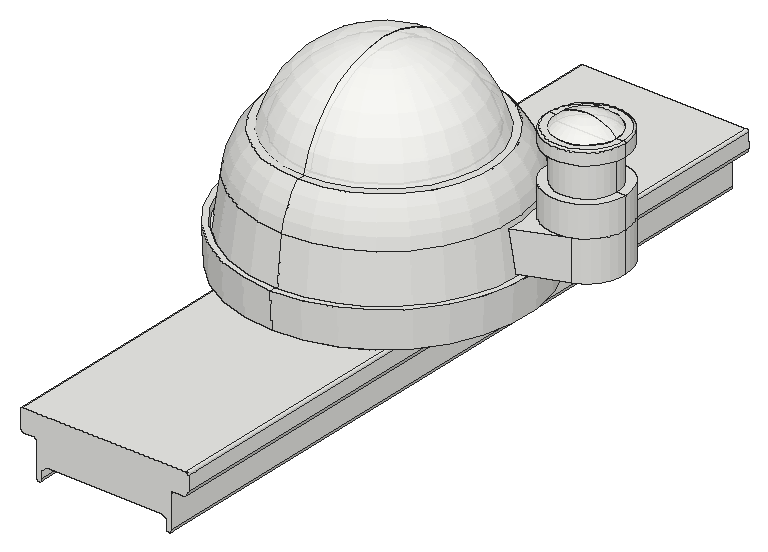
Revit family "Zumtobel TECTON 2 motion sensors", category Lighting Devices, host Face, Revit 2023
Family settings
  Host = Face
  Round Connector Dimension = Use Diameter
  Part Type = Normal
  Cut with Voids When Loaded = No
  Maintain Annotation Orientation = No
  Shared = Yes
  Room Calculation Point = Yes
Parameters (values of type "PST PIR DALI-2 TEC2 WH")
  URL = "www.zumtobel.com/22172960"
  Type Image = ZS_TE2_F_PST_Seite_WH.jpg
  Type IFC Predefined Type = "MOVEMENTSENSOR"
  Model = "22172960"
  Material Housing = Zumtobel-Plastic-RAL 9003-Signal White
  Manufacturer = "Zumtobel Lighting"  # constant formula
  Luminaire Width = 60 mm  # constant formula
  Luminaire Length = 250 mm  # constant formula
  Luminaire Height = 90 mm  # constant formula
  Lighting Trunking System Mark [instance] = ""
  IS DALI Type = yes
  Export Type to IFC As = "IfcSensorType"
  Description = "Lighting and occupancy sensors"  # constant formula
  Default Elevation = 0 mm  # constant formula
  Assembly Code = "Pr_75_75_27_23"
Types (5, lengths in mm): name | URL | Type Image | Model | Material Housing | IS DALI Type
  PST PIR CF TEC2 WH | "www.zumtobel.com/22172954" | ZS_TE2_F_PST_Seite_WH.jpg | "22172954" | Zumtobel-Plastic-RAL 9003-Signal White | no
  PST PIR CF TEC2 BK | "www.zumtobel.com/22173122" | ZS_TE2_F_PST_Seite_BK.jpg | "22173122" | Zumtobel-Plastic-RAL 9005-Jet Black | no
  PST PIR S TEC2 BK | "www.zumtobel.com/22173124" | ZS_TE2_F_PST_Seite_BK.jpg | "22173124" | Zumtobel-Plastic-RAL 9005-Jet Black | no
  PST PIR S TEC2 WH | "www.zumtobel.com/22172955" | ZS_TE2_F_PST_Seite_WH.jpg | "22172955" | Zumtobel-Plastic-RAL 9003-Signal White | no
  PST PIR DALI-2 TEC2 WH | "www.zumtobel.com/22172960" | ZS_TE2_F_PST_Seite_WH.jpg | "22172960" | Zumtobel-Plastic-RAL 9003-Signal White | yes
Reference planes
  plane 1 "Center (Front/Back)": y = 0
  plane 2: z = 0
  plane 3 "Center (Left/Right)": x = 0
  plane 4 "test": through (0, 19.073, -1204.147) normal (0.2852, -0.9585, 0)
  plane 5: z = 13.808
  plane 6 "Center L/S": through (0, 19.073, -1204.147) normal (0.2852, -0.9585, 0)
  plane 7: y = 125
  plane 8: y = -125
  plane 9: x = -30
  plane 10: x = 30
Forms (mm)
  Revolve 1, solid, material "Zumtobel-Plastic-Translucent-White"
    sketch origin (0, 0, -4.391) x (0, -1, 0) y (0, 0, -1)
      loop
        line (36.09, -63.549) -> (33, -63.549)
        arc (33, -63.549) -> (20.871, -81.974) -> (0, -89.112) r 34.082
        line (0, -89.112) -> (0, -92.112)
        arc (0, -92.112) -> (23.013, -84.107) -> (36.09, -63.549) r 37.082
      axis (0, -63.549) -> (0, -92.112)
    angle from 0 to 360
  Revolve 2, solid, material "Zumtobel-Plastic-RAL 9003-Signal White" <- "Material Housing", visible <- "IS DALI Type"
    sketch origin (71.447, 18.135, -1204.147) x (1, 0, 0) y (0, 0, -1)
      loop
        line (-2.88, -1258.349) -> (0.314, -1258.349) -> (0.314, -1247.39) -> (-13.686, -1247.39) -> (-13.686, -1273.515) -> (-2.764, -1273.515) -> (-2.764, -1275.515) -> (-0.436, -1275.515)
        arc (-0.436, -1275.515) -> (-0.015, -1275.34) -> (0.159, -1274.919) r 0.596
        line (0.159, -1274.919) -> (0.159, -1270.749) -> (-2.88, -1270.749) -> (-2.88, -1258.349)
      axis (-13.686, -1247.39) -> (-13.686, -1275.515)
    angle from 0 to 360
  Extrusion 3, solid, material "Zumtobel-Plastic-RAL 9003-Signal White" <- "Material Housing", visible <- "IS DALI Type"
    sketch origin (0, 0, 2.001) x (0, -1, 0) y (-1, 0, 0)
      loop
        line (-27.192, -33.038) -> (-31.861, -55.004)
        arc (-31.861, -55.004) -> (-28.966, -66.632) -> (-18.135, -71.761) r 14
        arc (-18.135, -71.761) -> (-10.306, -69.367) -> (-5.155, -63.005) r 14
        line (-5.155, -63.005) -> (3.2, -42.33) -> (-27.192, -33.038)
    from -27.057 to -41.242
  Revolve 4, solid, material "Zumtobel-Plastic-RAL 9003-Signal White" <- "Material Housing"
    sketch origin (0, 0, -4.391) x (0, -1, 0) y (0, 0, -1)
      loop
        arc (38.625, -63.549) -> (43.294, -56.929) -> (45.672, -49.185) r 25.708
        line (45.672, -49.185) -> (48.155, -31.514) -> (49, -31.514) -> (49.102, -33.449) -> (51.121, -33.449) -> (50.44, -20.449) -> (47.302, -20.449) -> (47.302, -19.651) -> (46.494, -19.651) -> (46.494, -18.199) -> (0, -18.199) -> (0, -89.063)
        arc (0, -89.063) -> (20.856, -81.941) -> (32.999, -63.549) r 34.097
        line (32.999, -63.549) -> (38.625, -63.549)
      axis (0, -18.199) -> (0, -89.063)
    angle from 0 to 360
  Extrusion 5, solid, material "Zumtobel-Plastic-RAL 9003-Signal White" <- "Material Housing"
    sketch origin (0, 0, 0) x (1, 0, 0) y (0, 0, 1)
      loop
        line (-20.587, -2.563) -> (0, -2.563) -> (20.587, -2.563) -> (22.156, -3.86) -> (22.156, -6.678)
        arc (22.156, -6.678) -> (23.178, -7.7) -> (24.2, -6.678) r 1.022
        line (24.2, -6.678) -> (24.2, 5.214)
        arc (24.2, 5.214) -> (24.378, 5.644) -> (24.808, 5.822) r 0.608
        line (24.808, 5.822) -> (28.1, 5.822)
        arc (28.1, 5.822) -> (29.444, 6.378) -> (30, 7.722) r 1.9
        line (30, 7.722) -> (30, 12.808)
        arc (30, 12.808) -> (29.707, 13.515) -> (29, 13.808) r 1
        line (29, 13.808) -> (-29, 13.808)
        arc (-29, 13.808) -> (-29.707, 13.515) -> (-30, 12.808) r 1
        line (-30, 12.808) -> (-30, 7.722)
        arc (-30, 7.722) -> (-29.444, 6.378) -> (-28.1, 5.822) r 1.9
        line (-28.1, 5.822) -> (-24.808, 5.822)
        arc (-24.808, 5.822) -> (-24.378, 5.644) -> (-24.2, 5.214) r 0.608
        line (-24.2, 5.214) -> (-24.2, -6.678)
        arc (-24.2, -6.678) -> (-23.178, -7.7) -> (-22.156, -6.678) r 1.022
        line (-22.156, -6.678) -> (-22.156, -3.86) -> (-20.587, -2.563)
    from -125 to 125
  Revolve 6, void
    sketch origin (0, 0, -4.391) x (0, -1, 0) y (0, 0, -1)
      loop
        arc (38.625, -63.549) -> (43.294, -56.929) -> (45.672, -49.185) r 25.708
        line (45.672, -49.185) -> (47.883, -33.449) -> (0, -33.449) -> (0, -63.549) -> (38.625, -63.549)
      axis (0, -33.449) -> (0, -63.549)
    angle from 0 to 360
  Revolve 7, solid, material "Zumtobel-Plastic-Translucent-White", visible <- "IS DALI Type"
    sketch origin (71.447, 18.135, -1204.147) x (1, 0, 0) y (0, 0, -1)
      loop
        line (-13.686, -1273.515) -> (-13.686, -1279.881)
        arc (-13.686, -1279.881) -> (-7.78, -1278.811) -> (-2.764, -1275.515) r 15.028
        line (-2.764, -1275.515) -> (-2.764, -1273.515) -> (-13.686, -1273.515)
      axis (-13.686, -1273.515) -> (-13.686, -1279.881)
    angle from 0 to 360
Cuts and joins
  Revolve 6 cuts Extrusion 3
Lines and regions (mm)
  Filled region 1, type "White"
    outline origin (0, 0, 0) x (1, 0, 0) y (0, 1, 0)
      loop
        circle (0, 0) r 51.121
  Filled region 2, type "White"
    outline origin (0, 0, 0) x (1, 0, 0) y (0, 1, 0)
      loop
        line (-30, 125) -> (-30, 41.393)
        arc (-30, 41.393) -> (-15.769, 48.629) -> (0, 51.121) r 51.121
        arc (0, 51.121) -> (15.769, 48.629) -> (30, 41.393) r 51.121
        line (30, 41.393) -> (30, 125) -> (-30, 125)
      loop
        line (-30, -125) -> (30, -125) -> (30, -41.393)
        arc (30, -41.393) -> (15.769, -48.629) -> (0, -51.121) r 51.121
        arc (0, -51.121) -> (-15.769, -48.629) -> (-30, -41.393) r 51.121
        line (-30, -41.393) -> (-30, -125)
  Filled region 3, type "White", visible <- "IS DALI Type"
    outline origin (0, 0, 0) x (1, 0, 0) y (0, 1, 0)
      loop
        line (51.12, 0.352) -> (63.005, 5.155)
        arc (63.005, 5.155) -> (69.367, 10.306) -> (71.761, 18.135) r 14
        arc (71.761, 18.135) -> (66.632, 28.966) -> (55.004, 31.861) r 14
        line (55.004, 31.861) -> (42.029, 29.103)
        arc (42.029, 29.103) -> (48.743, 15.413) -> (51.12, 0.352) r 51.121
  model lines, style "InvisibleLines"
    curve 1: line (-250, 125, 0) -> (250, 125, 0)
    curve 2: line (-250, -125, 0) -> (250, -125, 0)
    curve 6: line (-205, 125, 0) -> (205, 125, 0)
    curve 7: line (-205, -125, 0) -> (205, -125, 0)
    curve 8: line (0, 0, 0) -> (0, -300, 0)
    curve 9: line (0, -300, 0) -> (34.202, -206.031, 0)
    curve 10: line (0, -300, 0) -> (-34.202, -206.031, 0)
  symbolic lines
    curve 3: circle (0, 0, 0) r 36.09 normal (0, 0, 1)
  model lines
    curve 4: line (-24.2, 125, 0) -> (24.2, 125, 0)
    curve 5: line (-24.2, -125, 0) -> (24.2, -125, 0)
Dimensions and locks
  locked: plane 5 to host face at 13.808
  equal spacing: plane 8, plane 1 "Center (Front/Back)", plane 7
  "Luminaire Length": plane 8 to plane 7
  equal spacing: plane 9, plane 3 "Center (Left/Right)", plane 10
  plane 9 to plane 10 = 60 mm
  aligned and locked: plane 2 to host face
  aligned and locked: level to host face
  aligned and locked: plane 5 to Revolve 4
  aligned and locked: Extrusion 5 to plane 5
  aligned and locked: plane 8 to curve 2
  aligned and locked: curve 1 to plane 7
  aligned and locked: plane 8 to curve 5
  aligned and locked: curve 4 to plane 7
Automatic sketch dimensions
  host sketch curve to host sketch curve = 2438.4 mm  (x2)
  Extrusion 3 sketch curve to Extrusion 3 sketch curve = 0 mm  (x3)
  Extrusion 3 sketch curve to plane 1 "Center (Front/Back)" = 31.861 mm
  Extrusion 3 sketch curve to Extrusion 3 sketch curve = 4.669 mm
  Extrusion 3 sketch curve to Extrusion 3 sketch curve = 13.726 mm
  plane 1 "Center (Front/Back)" to Extrusion 3 sketch curve = 3.2 mm
  plane 3 "Center (Left/Right)" to Extrusion 3 sketch curve = 33.038 mm
  Extrusion 3 sketch curve to Extrusion 3 sketch curve = 9.292 mm
  Extrusion 3 sketch curve to Extrusion 3 sketch curve = 21.966 mm
  Extrusion 3 sketch curve to Extrusion 3 sketch curve = 2.757 mm
  Extrusion 3 sketch curve to plane 1 "Center (Front/Back)" = 5.155 mm
  Extrusion 3 sketch curve to Extrusion 3 sketch curve = 0.001 mm
  Filled region 1 sketch curve to Filled region 1 sketch curve = 0 mm  (x2)
  Filled region 1 sketch curve to plane 3 "Center (Left/Right)" = 0 mm
  plane 1 "Center (Front/Back)" to Filled region 1 sketch curve = 0 mm
  plane 1 "Center (Front/Back)" to Filled region 1 sketch curve = 51.121 mm
  plane 1 "Center (Front/Back)" to curve 3 = 0 mm
  curve 3 to plane 3 "Center (Left/Right)" = 0 mm
  curve 1 to plane 9 = 220 mm
  curve 2 to plane 9 = 220 mm
  curve 2 to plane 10 = 220 mm
  curve 1 to plane 10 = 220 mm
  plane 8 to Filled region 2 sketch curve = 0 mm
  Filled region 2 sketch curve to plane 10 = 0 mm  (x2)
  Filled region 2 sketch curve to plane 7 = 0 mm
  Filled region 2 sketch curve to Filled region 2 sketch curve = 0 mm  (x4)
  plane 1 "Center (Front/Back)" to Filled region 2 sketch curve = 0 mm
  Filled region 2 sketch curve to plane 3 "Center (Left/Right)" = 0 mm
  Filled region 2 sketch curve to plane 1 "Center (Front/Back)" = 41.393 mm
  Filled region 2 sketch curve to plane 9 = 0 mm  (x2)
  plane 1 "Center (Front/Back)" to Filled region 2 sketch curve = 41.393 mm
  plane 1 "Center (Front/Back)" to Filled region 3 sketch curve = 0 mm
  Filled region 3 sketch curve to plane 1 "Center (Front/Back)" = 18.135 mm
  Filled region 3 sketch curve to plane 10 = 12.029 mm
  Filled region 3 sketch curve to Filled region 3 sketch curve = 12.975 mm
  Filled region 3 sketch curve to Filled region 3 sketch curve = 2.757 mm
  Filled region 3 sketch curve to Filled region 3 sketch curve = 2.758 mm
  Filled region 3 sketch curve to plane 1 "Center (Front/Back)" = 0.352 mm
  Filled region 3 sketch curve to plane 1 "Center (Front/Back)" = 5.154 mm
  Filled region 3 sketch curve to Filled region 3 sketch curve = 5.245 mm
  Filled region 3 sketch curve to plane 3 "Center (Left/Right)" = 0 mm
  Filled region 3 sketch curve to Filled region 3 sketch curve = 0 mm  (x2)
  Filled region 3 sketch curve to Filled region 3 sketch curve = 11.885 mm
  curve 4 to level = 0 mm
  plane 10 to curve 4 = 5.8 mm
  plane 9 to curve 4 = 5.8 mm
  Revolve 1 sketch curve to Revolve 1 sketch curve = 0 mm  (x2)
  Revolve 1 sketch curve to plane 1 "Center (Front/Back)" = 0 mm  (x2)
  plane 1 "Center (Front/Back)" to Revolve 1 sketch curve = 33 mm
  Revolve 1 sketch curve to Revolve 1 sketch curve = 3.09 mm
  Revolve 1 sketch curve to plane 5 = 73.913 mm
  Revolve 1 sketch curve to Revolve 1 sketch curve = 3 mm
  Revolve 1 sketch curve to Revolve 1 sketch curve = 0.048 mm
  Revolve 1 sketch curve to plane 5 = 15.25 mm
  Revolve 2 sketch curve to plane 10 = 27.761 mm
  Revolve 2 sketch curve to Revolve 2 sketch curve = 10.806 mm
  Revolve 2 sketch curve to Revolve 2 sketch curve = 0.116 mm
  Revolve 2 sketch curve to Revolve 2 sketch curve = 2.328 mm
  Revolve 2 sketch curve to Revolve 2 sketch curve = 0.596 mm
  Revolve 2 sketch curve to Revolve 2 sketch curve = 3.194 mm
  Revolve 2 sketch curve to plane 5 = 57.56 mm
  Revolve 2 sketch curve to Revolve 2 sketch curve = 2 mm
  Revolve 2 sketch curve to Revolve 2 sketch curve = 2.766 mm
  Revolve 2 sketch curve to Revolve 2 sketch curve = 12.4 mm
  Revolve 2 sketch curve to Revolve 2 sketch curve = 10.959 mm
  Revolve 2 sketch curve to Revolve 2 sketch curve = 0 mm
  Revolve 2 sketch curve to Revolve 2 sketch curve = 2.234 mm
  Revolve 2 sketch curve to plane 5 = 9.693 mm
  Revolve 4 sketch curve to plane 1 "Center (Front/Back)" = 0 mm  (x2)
  plane 5 to Revolve 4 sketch curve = 0 mm
  plane 1 "Center (Front/Back)" to Revolve 4 sketch curve = 20.214 mm
  Revolve 4 sketch curve to Revolve 4 sketch curve = 12.784 mm
  Revolve 4 sketch curve to Revolve 4 sketch curve = 5.626 mm
  Revolve 4 sketch curve to plane 5 = 30.986 mm
  Revolve 4 sketch curve to Revolve 4 sketch curve = 7.047 mm
  Revolve 4 sketch curve to plane 5 = 1.452 mm
  Revolve 4 sketch curve to Revolve 4 sketch curve = 0.822 mm
  Revolve 4 sketch curve to Revolve 4 sketch curve = 0.808 mm
  Revolve 4 sketch curve to plane 5 = 13.315 mm
  Revolve 4 sketch curve to Revolve 4 sketch curve = 0.853 mm
  Revolve 4 sketch curve to Revolve 4 sketch curve = 0.845 mm
  Revolve 4 sketch curve to Revolve 4 sketch curve = 0.101 mm
  Revolve 4 sketch curve to plane 5 = 2.25 mm
  Revolve 4 sketch curve to Revolve 4 sketch curve = 3.138 mm
  Revolve 4 sketch curve to plane 5 = 15.25 mm
  Revolve 4 sketch curve to Revolve 4 sketch curve = 2.019 mm
  Revolve 4 sketch curve to plane 5 = 36.768 mm
  Revolve 4 sketch curve to Revolve 4 sketch curve = 14.365 mm
  Revolve 4 sketch curve to Revolve 4 sketch curve = 19.386 mm
  Revolve 4 sketch curve to level = 10.942 mm
  Extrusion 5 sketch curve to plane 9 = 0 mm
  Extrusion 5 sketch curve to plane 5 = 0 mm
  Extrusion 5 sketch curve to plane 3 "Center (Left/Right)" = 0 mm
  plane 10 to Extrusion 5 sketch curve = 0 mm
  Extrusion 5 sketch curve to Extrusion 5 sketch curve = 1 mm  (x2)
  Extrusion 5 sketch curve to Extrusion 5 sketch curve = 1.9 mm  (x2)
  Extrusion 5 sketch curve to Extrusion 5 sketch curve = 3.292 mm
  Extrusion 5 sketch curve to Extrusion 5 sketch curve = 0.608 mm  (x2)
  Extrusion 5 sketch curve to Extrusion 5 sketch curve = 1.022 mm  (x2)
  Extrusion 5 sketch curve to Extrusion 5 sketch curve = 1.569 mm  (x2)
  Extrusion 5 sketch curve to level = 2.563 mm
  plane 10 to Extrusion 5 sketch curve = 9.413 mm
  Extrusion 5 sketch curve to Extrusion 5 sketch curve = 1.297 mm  (x2)
  Extrusion 5 sketch curve to Extrusion 5 sketch curve = 2.819 mm  (x2)
  Extrusion 5 sketch curve to Extrusion 5 sketch curve = 0 mm
  level to Extrusion 5 sketch curve = 5.214 mm  (x2)
  Revolve 6 sketch curve to plane 1 "Center (Front/Back)" = 0 mm  (x2)
  plane 1 "Center (Front/Back)" to Revolve 6 sketch curve = 20.214 mm
  Revolve 6 sketch curve to Revolve 6 sketch curve = 18.411 mm
  Revolve 6 sketch curve to Revolve 6 sketch curve = 7.047 mm
  Revolve 6 sketch curve to plane 5 = 15.25 mm
  Revolve 6 sketch curve to Revolve 6 sketch curve = 2.211 mm
  Revolve 6 sketch curve to Revolve 6 sketch curve = 12.158 mm
  Revolve 6 sketch curve to Revolve 6 sketch curve = 15.735 mm
  Revolve 6 sketch curve to Revolve 6 sketch curve = 28.514 mm
  Revolve 6 sketch curve to Revolve 6 sketch curve = 0 mm
  Revolve 7 sketch curve to plane 10 = 27.761 mm
  Revolve 7 sketch curve to Revolve 7 sketch curve = 0.328 mm
  Revolve 7 sketch curve to Revolve 7 sketch curve = 10.922 mm
  Revolve 7 sketch curve to plane 5 = 61.926 mm
  Revolve 7 sketch curve to Revolve 7 sketch curve = 4.366 mm
  Revolve 7 sketch curve to Revolve 7 sketch curve = 6.366 mm
  Revolve 7 sketch curve to Revolve 7 sketch curve = 0 mm
  Revolve 7 sketch curve to Revolve 7 sketch curve = 2.234 mm
  Revolve 7 sketch curve to plane 5 = 9.693 mm
  curve 5 to level = 0 mm
  plane 10 to curve 5 = 5.8 mm
  plane 9 to curve 5 = 5.8 mm
  plane 8 to curve 7 = 0 mm
  curve 6 to plane 7 = 0 mm
  curve 10 to plane 3 "Center (Left/Right)" = 0 mm
  plane 1 "Center (Front/Back)" to curve 8 = 0 mm
  plane 8 to curve 9 = 175 mm
  curve 2 to curve 7 = 45 mm
  curve 1 to curve 6 = 45 mm
  curve 10 to plane 9 = 4.202 mm
  curve 9 to plane 10 = 4.202 mm
  curve 6 to curve 1 = 45 mm
  curve 7 to curve 2 = 45 mm
  plane 8 to curve 10 = 81.031 mm
  curve 10 to curve 9 = 0 mm
  radius of curve 3 = 36.09 mm
Connectors
  electrical at (0, 0, 0)
    settings: index 1, voltage 220 V, apparent load 5 VA, apparent load phase1 0 VA, apparent load phase2 0 VA, apparent load phase3 0 VA, power factor 1, load classification "Lighting", number of poles 1, system type 30, power factor state 1, is connector primary yes, connector utility no, sub classification motor no, connector description ""
